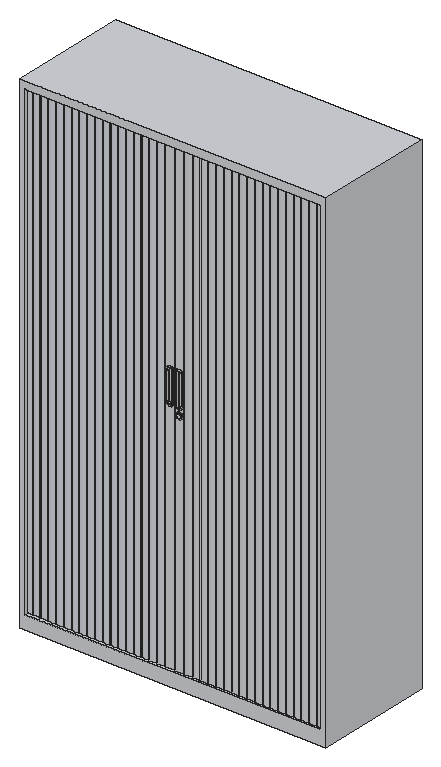
Revit family "BISLEY_SystemFile_Tambours_Double", category Furniture, Revit 2018 (continued)
Automatic sketch dimensions
  plane 23 to Extrusion 41 sketch curve = 137.487 mm
  Extrusion 41 sketch curve to Extrusion 41 sketch curve = 10.926 mm
  plane 23 to Extrusion 41 sketch curve = 20.487 mm
  Extrusion 41 sketch curve to Extrusion 41 sketch curve = 1.074 mm
  plane 3 "Center (Left/Right)" to Extrusion 42 sketch curve = 18.863 mm
  Extrusion 42 sketch curve to plane 23 = 18.797 mm
  plane 3 "Center (Left/Right)" to Extrusion 43 sketch curve = 18.863 mm
  Extrusion 43 sketch curve to plane 23 = 18.797 mm
  Extrusion 44 sketch curve to Extrusion 44 sketch curve = 0.36 mm
  Extrusion 44 sketch curve to Extrusion 44 sketch curve = 1.234 mm
  Extrusion 44 sketch curve to Extrusion 44 sketch curve = 0.937 mm
  Extrusion 44 sketch curve to Extrusion 44 sketch curve = 0.94 mm
  Extrusion 44 sketch curve to Extrusion 44 sketch curve = 0.211 mm
  Extrusion 44 sketch curve to Extrusion 44 sketch curve = 6.209 mm
  Extrusion 44 sketch curve to Extrusion 44 sketch curve = 1.629 mm
  Extrusion 44 sketch curve to Extrusion 44 sketch curve = 12.741 mm
  Extrusion 44 sketch curve to Extrusion 44 sketch curve = 21.361 mm
  Extrusion 44 sketch curve to Extrusion 44 sketch curve = 6.113 mm
  Extrusion 44 sketch curve to Extrusion 44 sketch curve = 5.814 mm
  Extrusion 44 sketch curve to Extrusion 44 sketch curve = 2.107 mm
  Extrusion 44 sketch curve to Extrusion 44 sketch curve = 95.662 mm
  Extrusion 45 sketch curve to Extrusion 45 sketch curve = 0.36 mm
  Extrusion 45 sketch curve to Extrusion 45 sketch curve = 1.234 mm
  Extrusion 45 sketch curve to Extrusion 45 sketch curve = 0.937 mm
  Extrusion 45 sketch curve to Extrusion 45 sketch curve = 0.94 mm
  Extrusion 45 sketch curve to Extrusion 45 sketch curve = 0.211 mm
  Extrusion 45 sketch curve to Extrusion 45 sketch curve = 6.209 mm
  Extrusion 45 sketch curve to Extrusion 45 sketch curve = 1.629 mm
  Extrusion 45 sketch curve to Extrusion 45 sketch curve = 12.741 mm
  Extrusion 45 sketch curve to Extrusion 45 sketch curve = 21.361 mm
  Extrusion 45 sketch curve to Extrusion 45 sketch curve = 6.113 mm
  Extrusion 45 sketch curve to Extrusion 45 sketch curve = 5.814 mm
  Extrusion 45 sketch curve to Extrusion 45 sketch curve = 2.107 mm
  Extrusion 45 sketch curve to Extrusion 45 sketch curve = 95.662 mm
  Extrusion 46 sketch curve to Extrusion 46 sketch curve = 0.36 mm
  Extrusion 46 sketch curve to Extrusion 46 sketch curve = 1.234 mm
  Extrusion 46 sketch curve to Extrusion 46 sketch curve = 0.937 mm
  Extrusion 46 sketch curve to Extrusion 46 sketch curve = 0.94 mm
  Extrusion 46 sketch curve to Extrusion 46 sketch curve = 0.211 mm
  Extrusion 46 sketch curve to Extrusion 46 sketch curve = 6.209 mm
  Extrusion 46 sketch curve to Extrusion 46 sketch curve = 1.629 mm
  Extrusion 46 sketch curve to Extrusion 46 sketch curve = 12.741 mm
  Extrusion 46 sketch curve to Extrusion 46 sketch curve = 21.361 mm
  Extrusion 46 sketch curve to Extrusion 46 sketch curve = 6.113 mm
  Extrusion 46 sketch curve to Extrusion 46 sketch curve = 5.814 mm
  Extrusion 46 sketch curve to Extrusion 46 sketch curve = 2.107 mm
  Extrusion 46 sketch curve to Extrusion 46 sketch curve = 95.662 mm
  Extrusion 47 sketch curve to Extrusion 47 sketch curve = 0.36 mm
  Extrusion 47 sketch curve to Extrusion 47 sketch curve = 1.234 mm
  Extrusion 47 sketch curve to Extrusion 47 sketch curve = 0.937 mm
  Extrusion 47 sketch curve to Extrusion 47 sketch curve = 0.94 mm
  Extrusion 47 sketch curve to Extrusion 47 sketch curve = 0.211 mm
  Extrusion 47 sketch curve to Extrusion 47 sketch curve = 6.209 mm
  Extrusion 47 sketch curve to Extrusion 47 sketch curve = 1.629 mm
  Extrusion 47 sketch curve to Extrusion 47 sketch curve = 12.741 mm
  Extrusion 47 sketch curve to Extrusion 47 sketch curve = 21.361 mm
  Extrusion 47 sketch curve to Extrusion 47 sketch curve = 6.113 mm
  Extrusion 47 sketch curve to Extrusion 47 sketch curve = 5.814 mm
  Extrusion 47 sketch curve to Extrusion 47 sketch curve = 2.107 mm
  Extrusion 47 sketch curve to Extrusion 47 sketch curve = 95.662 mm
  Extrusion 48 sketch curve to Extrusion 48 sketch curve = 0.36 mm
  Extrusion 48 sketch curve to Extrusion 48 sketch curve = 1.234 mm
  Extrusion 48 sketch curve to Extrusion 48 sketch curve = 0.937 mm
  Extrusion 48 sketch curve to Extrusion 48 sketch curve = 0.94 mm
  Extrusion 48 sketch curve to Extrusion 48 sketch curve = 0.211 mm
  Extrusion 48 sketch curve to Extrusion 48 sketch curve = 6.209 mm
  Extrusion 48 sketch curve to Extrusion 48 sketch curve = 1.629 mm
  Extrusion 48 sketch curve to Extrusion 48 sketch curve = 12.741 mm
  Extrusion 48 sketch curve to Extrusion 48 sketch curve = 21.361 mm
  Extrusion 48 sketch curve to Extrusion 48 sketch curve = 6.113 mm
  Extrusion 48 sketch curve to Extrusion 48 sketch curve = 5.814 mm
  Extrusion 48 sketch curve to Extrusion 48 sketch curve = 2.107 mm
  Extrusion 48 sketch curve to Extrusion 48 sketch curve = 95.662 mm
  Extrusion 49 sketch curve to Extrusion 49 sketch curve = 0.36 mm
  Extrusion 49 sketch curve to Extrusion 49 sketch curve = 1.234 mm
  Extrusion 49 sketch curve to Extrusion 49 sketch curve = 0.937 mm
  Extrusion 49 sketch curve to Extrusion 49 sketch curve = 0.94 mm
  Extrusion 49 sketch curve to Extrusion 49 sketch curve = 0.211 mm
  Extrusion 49 sketch curve to Extrusion 49 sketch curve = 6.209 mm
  Extrusion 49 sketch curve to Extrusion 49 sketch curve = 1.629 mm
  Extrusion 49 sketch curve to Extrusion 49 sketch curve = 12.741 mm
  Extrusion 49 sketch curve to Extrusion 49 sketch curve = 21.361 mm
  Extrusion 49 sketch curve to Extrusion 49 sketch curve = 6.113 mm
  Extrusion 49 sketch curve to Extrusion 49 sketch curve = 5.814 mm
  Extrusion 49 sketch curve to Extrusion 49 sketch curve = 2.107 mm
  Extrusion 49 sketch curve to Extrusion 49 sketch curve = 95.662 mm
  radius of Extrusion 4 sketch curve = 25 mm  (x4)
  radius of Extrusion 5 sketch curve = 10 mm  (x4)
  radius of Extrusion 42 sketch curve = 12 mm
  radius of Extrusion 43 sketch curve = 7.7 mm
Types (17, lengths in mm): name | Width | Tambour array | Model Reference | Lock bar height | Height | Doors height
  (no name) | 1200 | 18 | "SYT12/6" | 1808 | 1947 | 1808
  SYT10/2 | 1000 | 15 | "SYT10/2" | 554 | 693 | 554
  SYT10/3 | 1000 | 15 | "SYT10/3" | 858 | 997 | 858
  SYT10/34 | 1000 | 15 | "SYT10/34" | 1010 | 1149 | 1010
  SYT10/4 | 1000 | 15 | "SYT10/4" | 1162 | 1301 | 1162
  SYT10/43 | 1000 | 15 | "SYT10/43" | 1276 | 1415 | 1276
  SYT10/50 | 1000 | 15 | "SYT10/50" | 1504 | 1643 | 1504
  SYT10/54 | 1000 | 15 | "SYT10/54" | 1656 | 1795 | 1656
  SYT10/6 | 1000 | 15 | "SYT10/6" | 1808 | 1947 | 1808
  SYT12/2 | 1200 | 18 | "SYT12/2" | 554 | 693 | 554
  SYT12/3 | 1200 | 18 | "SYT12/3" | 858 | 997 | 858
  SYT12/34 | 1200 | 18 | "SYT12/34" | 1010 | 1149 | 1010
  SYT12/4 | 1200 | 18 | "SYT12/4" | 1162 | 1301 | 1162
  SYT12/43 | 1200 | 18 | "SYT12/43" | 1276 | 1415 | 1276
  SYT12/50 | 1200 | 18 | "SYT12/50" | 1504 | 1643 | 1504
  SYT12/54 | 1200 | 18 | "SYT12/54" | 1656 | 1795 | 1656
  SYT12/6 | 1200 | 18 | "SYT12/6" | 1808 | 1947 | 1808
